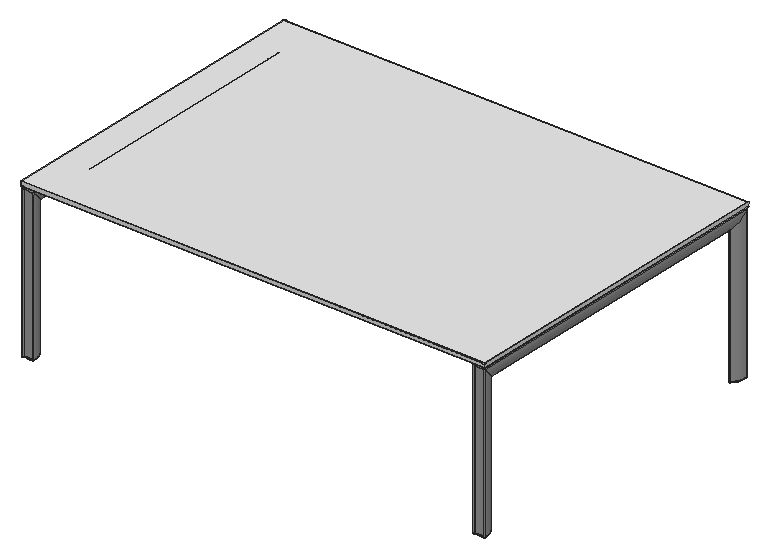
Revit family "OFS_RE_TYPICAL_RE015_6-USERS", category Furniture, Revit 2012 (continued)
Definition of nested family "OFS_RE_BASES_4-RAILS_42-60_DEPTH"
  Definition of nested family "RE_LEG_END_W-TIE"
    Forms (in)
      Sweep 4, solid, material "RE LEG PAINT" <- "LEG PAINT", visible <- "TIE ROD"
        path origin (-1.9399688, 24, -1.4606728) x (0, 1, 0) y (0.319687, 0, 0.947523)
          loop
            arc (-42.0027846, 5.8183374) -> (-41.5539329, 5.9681926) -> (-41.2851361, 6.3576445) r 0.7471361
            line (-41.2851361, 6.3576445) -> (-30.4664077, 43.7154993)
            arc (-30.4664077, 43.7154993) -> (-30.5871596, 44.3706357) -> (-31.1840209, 44.6665096) r 0.7440466
            line (-31.1840209, 44.6665096) -> (-33.8417167, 44.6665096)
        profile origin (-0.0799217, -18.7758415, 4.0523368) x (0.319687, 0, 0.947523) y (0.947523, 0, -0.319687)
          loop
            circle (0.2499997, 0) r 0.2499997
      Sweep 5, solid, material "RE LEG PAINT" <- "LEG PAINT", visible <- "TIE ROD"
        path origin (-1.9399688, -24, -1.4606728) x (0, -1, 0) y (-0.319687, 0, -0.947523)
          loop
            line (-43.5488984, -5.8183374) -> (-42.0027846, -5.8183374)
            arc (-42.0027846, -5.8183374) -> (-41.5539329, -5.9681926) -> (-41.2851361, -6.3576445) r 0.7471361
            line (-41.2851361, -6.3576445) -> (-30.4631458, -43.7188125)
            arc (-30.4631458, -43.7188125) -> (-30.582296, -44.3796273) -> (-31.1827312, -44.6802108) r 0.749996
            line (-31.1827312, -44.6802108) -> (-33.8417167, -44.6802108)
        profile origin (-0.0799217, 18.7758415, 4.0523368) x (-0.319687, 0, -0.947523) y (0.947523, 0, -0.319687)
          loop
            circle (-0.2499997, 0) r 0.2499997
      Extrusion 6, solid, material "RE LEG PAINT" <- "LEG PAINT", visible <- "TIE ROD"
        sketch origin (0, 0, 0) x (1, 0, 0) y (0, 0, 1)
          loop
            line (11.5772427, 27.875) -> (10.1887943, 27.875) -> (10.1887943, 27.8079822) -> (11.5642606, 27.8079822)
            arc (11.5642606, 27.8079822) -> (11.6097107, 27.7989416) -> (11.6482414, 27.7731961) r 0.1187669
            line (11.6482414, 27.7731961) -> (12.0546033, 27.3668342)
            arc (12.0546033, 27.3668342) -> (12.2637943, 27.2801845) -> (12.4729852, 27.3668342) r 0.2958407
            line (12.4729852, 27.3668342) -> (12.8793471, 27.7731961)
            arc (12.8793471, 27.7731961) -> (12.9178779, 27.7989416) -> (12.963328, 27.8079822) r 0.1187669
            line (12.963328, 27.8079822) -> (14.3387943, 27.8079822) -> (14.3387943, 27.875) -> (12.9503459, 27.875)
            arc (12.9503459, 27.875) -> (12.8742811, 27.8598698) -> (12.8097964, 27.8167825) r 0.1987669
            line (12.8097964, 27.8167825) -> (12.4164167, 27.4234028)
            arc (12.4164167, 27.4234028) -> (12.2637943, 27.3601845) -> (12.1111719, 27.4234028) r 0.2158407
            line (12.1111719, 27.4234028) -> (11.7177921, 27.8167825)
            arc (11.7177921, 27.8167825) -> (11.6533075, 27.8598698) -> (11.5772427, 27.875) r 0.1987669
        from 7.6537167 to 9.8417167
      Extrusion 7, solid, material "RE LEG PAINT" <- "LEG PAINT", visible <- "TIE ROD"
        sketch origin (0, 0, 0) x (1, 0, 0) y (0, 0, -1)
          loop
            arc (11.5772427, -27.875) -> (11.6533075, -27.8598698) -> (11.7177921, -27.8167825) r 0.1987669
            line (11.7177921, -27.8167825) -> (12.1111719, -27.4234028)
            arc (12.1111719, -27.4234028) -> (12.2637943, -27.3601845) -> (12.4164167, -27.4234028) r 0.2158407
            line (12.4164167, -27.4234028) -> (12.8097964, -27.8167825)
            arc (12.8097964, -27.8167825) -> (12.8742811, -27.8598698) -> (12.9503459, -27.875) r 0.1987669
            line (12.9503459, -27.875) -> (14.3387943, -27.875) -> (14.3387943, -27.8079822) -> (12.963328, -27.8079822)
            arc (12.963328, -27.8079822) -> (12.9178779, -27.7989416) -> (12.8793471, -27.7731961) r 0.1187669
            line (12.8793471, -27.7731961) -> (12.4729852, -27.3668342)
            arc (12.4729852, -27.3668342) -> (12.2637943, -27.2801845) -> (12.0546033, -27.3668342) r 0.2958407
            line (12.0546033, -27.3668342) -> (11.6482414, -27.7731961)
            arc (11.6482414, -27.7731961) -> (11.6097107, -27.7989416) -> (11.5642606, -27.8079822) r 0.1187669
            line (11.5642606, -27.8079822) -> (10.1887943, -27.8079822) -> (10.1887943, -27.875) -> (11.5772427, -27.875)
        from 7.6537167 to 9.8417167
      Extrusion 8, solid, material "RE GLIDE BLACK"
        sketch origin (0, 0, 0) x (1, 0, 0) y (0, 1, 0)
          loop
            line (-0.774815, -20.775) -> (0.774815, -20.775)
            arc (0.774815, -20.775) -> (0.8256645, -20.7882218) -> (0.865469, -20.8225159) r 0.1160288
            arc (0.865469, -20.8225159) -> (0.9972919, -20.86587) -> (1.0807081, -20.754971) r 0.1191119
            arc (1.0807081, -20.754971) -> (0.8576594, -19.4238242) -> (0.1588617, -18.2691015) r 3.590214
            arc (0.1588617, -18.2691015) -> (0.1299651, -18.2557846) -> (0.1004111, -18.2675709) r 0.040314
            arc (0.1004111, -18.2675709) -> (0, -18.3091468) -> (-0.1004111, -18.2675709) r 0.1420408
            arc (-0.1004111, -18.2675709) -> (-0.1299651, -18.2557846) -> (-0.1588617, -18.2691015) r 0.040314
            arc (-0.1588617, -18.2691015) -> (-0.8576594, -19.4238242) -> (-1.0807081, -20.754971) r 3.590214
            arc (-1.0807081, -20.754971) -> (-0.9972919, -20.86587) -> (-0.865469, -20.8225159) r 0.1191119
            arc (-0.865469, -20.8225159) -> (-0.8256645, -20.7882218) -> (-0.774815, -20.775) r 0.1160288
        from 0.2372693 to 0.3947496
      Extrusion 9, solid, material "RE GLIDE BLACK"
        sketch origin (0, 0, 0) x (1, 0, 0) y (0, 1, 0)
          loop
            arc (1.0807081, 20.754971) -> (0.9972919, 20.86587) -> (0.865469, 20.8225159) r 0.1191119
            arc (0.865469, 20.8225159) -> (0.8256645, 20.7882218) -> (0.774815, 20.775) r 0.1160288
            line (0.774815, 20.775) -> (-0.774815, 20.775)
            arc (-0.774815, 20.775) -> (-0.8256645, 20.7882218) -> (-0.865469, 20.8225159) r 0.1160288
            arc (-0.865469, 20.8225159) -> (-0.9972919, 20.86587) -> (-1.0807081, 20.754971) r 0.1191119
            arc (-1.0807081, 20.754971) -> (-0.8576594, 19.4238242) -> (-0.1588617, 18.2691015) r 3.590214
            arc (-0.1588617, 18.2691015) -> (-0.1299651, 18.2557846) -> (-0.1004111, 18.2675709) r 0.040314
            arc (-0.1004111, 18.2675709) -> (0, 18.3091468) -> (0.1004111, 18.2675709) r 0.1420408
            arc (0.1004111, 18.2675709) -> (0.1299651, 18.2557846) -> (0.1588617, 18.2691015) r 0.040314
            arc (0.1588617, 18.2691015) -> (0.8576594, 19.4238242) -> (1.0807081, 20.754971) r 3.590214
        from 0.2372693 to 0.3947496
    Cuts and joins
      joined: Extrusion 2, Extrusion 9
      joined: Extrusion 3, Extrusion 8
    Lines and regions (in)
      Masking region 1, visible <- "TIE ROD"
        outline origin (0, 0, 0) x (1, 0, 0) y (0, 1, 0)
          loop
            line (4.3032237, -13.3937676) -> (5.0477124, -13.3937676) -> (10.1887943, -8.7367914) -> (10.1887943, -8.0624069) -> (4.3032237, -13.3937676)
      Masking region 2, visible <- "TIE ROD"
        outline origin (0, 0, 0) x (1, 0, 0) y (0, 1, 0)
          loop
            line (10.6402478, -7.6537167) -> (11.3851965, -7.6537167) -> (12.0094145, -7.0886268) -> (12.0094145, -9.8417167) -> (12.5094139, -9.8417167) -> (12.5094139, -7.0256014)
            arc (12.5094139, -7.0256014) -> (12.4453728, -6.7546913) -> (12.3043905, -6.5146547) r 0.9347363
            arc (12.3043905, -6.5146547) -> (12.101443, -6.4373553) -> (11.8984954, -6.5146547) r 0.3050663
            line (11.8984954, -6.5146547) -> (10.6402478, -7.6537167)
      Masking region 3, visible <- "TIE ROD"
        outline origin (0, 0, 0) x (1, 0, 0) y (0, 1, 0)
          loop
            line (10.1887943, -7.6537167) -> (10.1887943, -9.8417167) -> (12.0094145, -9.8417167) -> (12.0094145, -7.6537167) -> (10.1887943, -7.6537167)
          loop
            line (12.5181741, -7.6537167) -> (12.5181741, -9.8417167) -> (14.3387943, -9.8417167) -> (14.3387943, -7.6537167) -> (12.5181741, -7.6537167)
      Masking region 4, visible <- "TIE ROD"
        outline origin (0, 0, 0) x (1, 0, 0) y (0, 1, 0)
          loop
            line (1.6946591, -15.756308) -> (1.0807081, -16.309112) -> (1.0807081, -16.9796794) -> (2.4393997, -15.756308) -> (1.6946591, -15.756308)
      Masking region 5, visible <- "TIE ROD"
        outline origin (0, 0, 0) x (0, -1, 0) y (1, 0, 0)
          loop
            line (-13.3941597, 4.3027908) -> (-8.0624069, 10.1887943) -> (-8.7367914, 10.1887943) -> (-13.3941597, 5.0472795) -> (-13.3941597, 4.3027908)
      Masking region 6, visible <- "TIE ROD"
        outline origin (0, 0, 0) x (0, -1, 0) y (1, 0, 0)
          loop
            line (-7.6537167, 10.6402478) -> (-6.5146547, 11.8984954)
            arc (-6.5146547, 11.8984954) -> (-6.4373553, 12.101443) -> (-6.5146547, 12.3043905) r 0.3050663
            arc (-6.5146547, 12.3043905) -> (-6.7546913, 12.4453728) -> (-7.0256014, 12.5094139) r 0.9347363
            line (-7.0256014, 12.5094139) -> (-9.8417167, 12.5094139) -> (-9.8417167, 12.0094145) -> (-7.0886268, 12.0094145) -> (-7.6537167, 11.3851965) -> (-7.6537167, 10.6402478)
      Masking region 7, visible <- "TIE ROD"
        outline origin (0, 0, 0) x (0, -1, 0) y (1, 0, 0)
          loop
            line (-7.6537167, 10.1887943) -> (-7.6537167, 12.0094145) -> (-9.8417167, 12.0094145) -> (-9.8417167, 10.1887943) -> (-7.6537167, 10.1887943)
          loop
            line (-7.6537167, 12.5181741) -> (-7.6537167, 14.3387943) -> (-9.8417167, 14.3387943) -> (-9.8417167, 12.5181741) -> (-7.6537167, 12.5181741)
      Masking region 8, visible <- "TIE ROD"
        outline origin (0, 0, 0) x (0, -1, 0) y (1, 0, 0)
          loop
            line (-15.7560932, 1.6948977) -> (-15.7560932, 2.4396383) -> (-16.9796794, 1.0807081) -> (-16.309112, 1.0807081) -> (-15.7560932, 1.6948977)
    Dimensions and locks (in)
      "LEG HEIGHT": plane 5 "BASE HEIGHT" to plane 2
      "LEG WIDTH": plane 6 "BACK" to plane 7 "FRONT"
      equal spacing: plane 7 "FRONT", plane 1 "Center Front/Back", plane 6 "BACK"
      locked: plane 5 "BASE HEIGHT" to plane 9 at 0.4929876
      plane 6 "BACK" to plane 13 to plane 11 to plane 15 = 0' - 1.2261" locked, 0' - 9.70718" locked, 0' - 2.188" locked
      plane 7 "FRONT" to plane 10 to plane 12 to plane 14 = 0' - 1.2261" locked, 0' - 9.70718" locked, 0' - 2.188" locked
      aligned and locked: plane 7 "FRONT" to Sweep 1
      aligned and locked: plane 6 "BACK" to Sweep 1
      aligned and locked: plane 8 "GLIDE" to Extrusion 2
      aligned and locked: Extrusion 2 to plane 2
      aligned and locked: plane 9 to Sweep 1
      aligned and locked: level to plane 2
      aligned and locked: plane 12 to Sweep 4
      aligned and locked: Sweep 4 to plane 10
      aligned and locked: plane 12 to Sweep 4 sketch curve
      aligned and locked: plane 10 to Sweep 4 sketch curve
      aligned and locked: plane 11 to Sweep 5 sketch curve
      aligned and locked: plane 13 to Sweep 5 sketch curve
      aligned and locked: Extrusion 6 to Sweep 4
      aligned and locked: plane 12 to Extrusion 6
      aligned and locked: Extrusion 6 to plane 14
      aligned and locked: plane 15 to Extrusion 7
      aligned and locked: plane 11 to Extrusion 7
      aligned and locked: Extrusion 8 sketch curve to Sweep 1  (x10)
      aligned and locked: Extrusion 8 to plane 8 "GLIDE"
      aligned and locked: Extrusion 8 to Sweep 1
      aligned and locked: Extrusion 9 sketch curve to Sweep 1  (x10)
      aligned and locked: Extrusion 9 to Sweep 1
      aligned and locked: Extrusion 9 to plane 8 "GLIDE"
      aligned and locked: Extrusion 6 to Masking region 1 sketch curve
      aligned and locked: plane 12 to Masking region 2 sketch curve
      aligned and locked: plane 14 to Masking region 2 sketch curve
      aligned and locked: plane 14 to Masking region 3 sketch curve  (x2)
      aligned and locked: plane 12 to Masking region 3 sketch curve  (x2)
      aligned and locked: plane 5 "BASE HEIGHT" to Extrusion 6  (x2)
      aligned and locked: plane 5 "BASE HEIGHT" to Extrusion 7  (x2)
    Automatic sketch dimensions
      plane 8 "GLIDE" to Sweep 1 sketch curve = 0' - 0.15748"  (x2)
      plane 9 to Sweep 1 sketch curve = 0' - 0.09306"
      Sweep 1 sketch curve to plane 3 "Center Left/Right" = 0' - 0"
      profile plane to Sweep 1 sketch curve = 0' - 0.02293"  (x2)
      Sweep 1 sketch curve to profile plane = 0' - 0.04554"  (x2)
      Sweep 1 sketch curve to Sweep 1 sketch curve = 0' - 0"  (x8)
      Sweep 1 sketch curve to profile plane = 0' - 0.09306"
      Sweep 1 sketch curve to profile plane = 0' - 0.11309"  (x2)
      Sweep 1 sketch curve to profile plane = 0' - 0.11583"  (x2)
      Sweep 1 sketch curve to profile plane = 0' - 0.19593"  (x2)
      Sweep 1 sketch curve to plane 3 "Center Left/Right" = 0' - 0 33/256"
      Sweep 1 sketch curve to Sweep 1 sketch curve = 0' - 2.47892"
      plane 3 "Center Left/Right" to Sweep 1 sketch curve = 0' - 0 33/256"
      Sweep 1 sketch curve to Sweep 1 sketch curve = 0' - 0.02698"  (x2)
      Sweep 1 sketch curve to Sweep 1 sketch curve = 0' - 0.02851"  (x2)
      Sweep 1 sketch curve to Sweep 1 sketch curve = 0' - 0.10046"
      Extrusion 2 sketch curve to plane 3 "Center Left/Right" = 0' - 0"
      plane 13 to Extrusion 2 sketch curve = 0' - 0.26294"
      plane 3 "Center Left/Right" to Extrusion 3 sketch curve = 0' - 0"
      Extrusion 3 sketch curve to plane 10 = 0' - 0.26294"
      Sweep 4 sketch curve to plane 10 = 0' - 1.54611"
      Sweep 4 sketch curve to Sweep 4 sketch curve = 0' - 0.71765"
      Sweep 4 sketch curve to plane 14 = 0' - 0.4697"
      Sweep 4 sketch curve to plane 14 = 0' - 0.47263"
      Sweep 4 sketch curve to Sweep 4 sketch curve = 0' - 0.71468"
      Sweep 4 sketch curve to Sweep 4 sketch curve = 0' - 0.53931"
      Sweep 4 sketch curve to Sweep 4 sketch curve = 3' - 1.35785"
      Sweep 4 sketch curve to Sweep 4 sketch curve = 0' - 0.20697"
      Sweep 4 sketch curve to profile plane = 0' - 0"
      Sweep 4 sketch curve to profile plane = 0' - 0 1/4"
      Sweep 5 sketch curve to plane 13 = 0' - 1.54611"
      Sweep 5 sketch curve to Sweep 5 sketch curve = 0' - 0.71765"
      Sweep 5 sketch curve to plane 15 = 0' - 0.47099"
      Sweep 5 sketch curve to Sweep 5 sketch curve = 0' - 0.71959"
      Sweep 5 sketch curve to Sweep 5 sketch curve = 0' - 0 3/4"
      Sweep 5 sketch curve to Sweep 5 sketch curve = 3' - 1.36474"
      Sweep 5 sketch curve to Sweep 5 sketch curve = 0' - 0.20783"
      Sweep 5 sketch curve to profile plane = 0' - 0"
      profile plane to Sweep 5 sketch curve = 0' - 0 1/4"
      Extrusion 6 sketch curve to Extrusion 6 sketch curve = 0' - 0"  (x4)
      Extrusion 6 sketch curve to Extrusion 6 sketch curve = 0' - 0.01298"  (x6)
      plane 5 "BASE HEIGHT" to Extrusion 6 sketch curve = 0' - 0"  (x2)
      Extrusion 6 sketch curve to Extrusion 6 sketch curve = 0' - 1.38845"
      Extrusion 6 sketch curve to Extrusion 6 sketch curve = 0' - 0.08398"
      Extrusion 6 sketch curve to plane 5 "BASE HEIGHT" = 0' - 0.1018"  (x2)
      Extrusion 6 sketch curve to plane 5 "BASE HEIGHT" = 0' - 0.05822"  (x2)
      Extrusion 6 sketch curve to Extrusion 6 sketch curve = 0' - 0.06955"  (x2)
      Extrusion 6 sketch curve to plane 9 = 0' - 0.01518"  (x2)
      Extrusion 6 sketch curve to Extrusion 6 sketch curve = 0' - 0.40636"
      plane 9 to Extrusion 6 sketch curve = 0' - 0.04139"  (x2)
      Extrusion 6 sketch curve to Extrusion 6 sketch curve = 0' - 0.05657"
      Extrusion 6 sketch curve to Extrusion 6 sketch curve = 0' - 0.15262"
      Extrusion 6 sketch curve to Extrusion 6 sketch curve = 0' - 0.39338"
      Extrusion 6 sketch curve to Extrusion 6 sketch curve = 0' - 0.071"
      Extrusion 6 sketch curve to Extrusion 6 sketch curve = 0' - 1.37547"
      plane 9 to Extrusion 6 sketch curve = 0' - 0.19401"
      Extrusion 7 sketch curve to Extrusion 7 sketch curve = 0' - 0"  (x4)
      Extrusion 7 sketch curve to Extrusion 7 sketch curve = 0' - 0.01298"  (x6)
      plane 5 "BASE HEIGHT" to Extrusion 7 sketch curve = 0' - 0"  (x2)
      Extrusion 7 sketch curve to Extrusion 7 sketch curve = 0' - 1.38845"
      Extrusion 7 sketch curve to Extrusion 7 sketch curve = 0' - 0.08398"
      Extrusion 7 sketch curve to plane 5 "BASE HEIGHT" = 0' - 0.1018"  (x2)
      Extrusion 7 sketch curve to plane 5 "BASE HEIGHT" = 0' - 0.05822"  (x2)
      Extrusion 7 sketch curve to Extrusion 7 sketch curve = 0' - 0.06955"  (x2)
      Extrusion 7 sketch curve to plane 9 = 0' - 0.01518"  (x2)
      Extrusion 7 sketch curve to Extrusion 7 sketch curve = 0' - 0.40636"
      plane 9 to Extrusion 7 sketch curve = 0' - 0.04139"  (x2)
      Extrusion 7 sketch curve to Extrusion 7 sketch curve = 0' - 0.05657"
      Extrusion 7 sketch curve to Extrusion 7 sketch curve = 0' - 0.15262"
      Extrusion 7 sketch curve to Extrusion 7 sketch curve = 0' - 0.39338"
      Extrusion 7 sketch curve to Extrusion 7 sketch curve = 0' - 0.071"
      Extrusion 7 sketch curve to Extrusion 7 sketch curve = 0' - 1.37547"
      plane 9 to Extrusion 7 sketch curve = 0' - 0.19401"
      Masking region 1 sketch curve to Masking region 1 sketch curve = 0' - 0.74449"
      plane 14 to Masking region 1 sketch curve = 0' - 1.08307"
      plane 14 to Masking region 1 sketch curve = 0' - 0.40869"
      Masking region 2 sketch curve to Masking region 2 sketch curve = 0' - 0.74495"
      Masking region 2 sketch curve to Masking region 2 sketch curve = 0' - 0.19267"
      Masking region 2 sketch curve to plane 14 = 0' - 1.13906"
      Masking region 2 sketch curve to Masking region 2 sketch curve = 0' - 0.32063"
      Masking region 2 sketch curve to Masking region 2 sketch curve = 0' - 0.43154"
      Masking region 2 sketch curve to Masking region 2 sketch curve = 0' - 0.20295"  (x2)
      Masking region 2 sketch curve to Masking region 2 sketch curve = 0' - 0.40797"
      Masking region 2 sketch curve to Masking region 2 sketch curve = 0' - 0.55093"
      Masking region 2 sketch curve to Masking region 2 sketch curve = 0' - 0.01416"
      Masking region 2 sketch curve to Masking region 2 sketch curve = 0' - 0.22777"
      Masking region 3 sketch curve to Masking region 3 sketch curve = 0' - 1.82062"  (x2)
      Masking region 3 sketch curve to Masking region 3 sketch curve = 0' - 0.50876"
      Masking region 4 sketch curve to Masking region 4 sketch curve = 0' - 0.74474"
      Masking region 4 sketch curve to Masking region 4 sketch curve = 0' - 0.67057"
      plane 15 to Masking region 5 sketch curve = 0' - 1.08307"
      plane 15 to Masking region 5 sketch curve = 0' - 0.40869"
      Masking region 5 sketch curve to Masking region 5 sketch curve = 0' - 0.74449"
      Masking region 5 sketch curve to Masking region 5 sketch curve = 0' - 5.14151"
      Masking region 6 sketch curve to plane 11 = 0' - 0"
      Masking region 6 sketch curve to plane 15 = 0' - 0"
      Masking region 6 sketch curve to plane 15 = 0' - 0.55093"
      Masking region 6 sketch curve to Masking region 6 sketch curve = 0' - 0.01416"
      Masking region 6 sketch curve to Masking region 6 sketch curve = 0' - 0.06303"
      Masking region 6 sketch curve to Masking region 6 sketch curve = 0' - 0.34621"
      Masking region 6 sketch curve to Masking region 6 sketch curve = 0' - 0.22777"  (x2)
      Masking region 6 sketch curve to Masking region 6 sketch curve = 0' - 0.74495"
      Masking region 6 sketch curve to Masking region 6 sketch curve = 0' - 0.19267"
      Masking region 6 sketch curve to Masking region 6 sketch curve = 0' - 0.32063"
      Masking region 6 sketch curve to Masking region 6 sketch curve = 0' - 0.43154"
      Masking region 6 sketch curve to Masking region 6 sketch curve = 0' - 0.20295"
      Masking region 7 sketch curve to plane 11 = 0' - 0"  (x2)
      Masking region 7 sketch curve to plane 15 = 0' - 0"  (x2)
      Masking region 7 sketch curve to Masking region 7 sketch curve = 0' - 1.82062"  (x2)
      Masking region 7 sketch curve to Masking region 7 sketch curve = 0' - 0.50876"
      plane 6 "BACK" to Sweep 1 sketch curve = 0' - 0.09306"
      plane 7 "FRONT" to Sweep 1 sketch curve = 0' - 0.09306"
      Masking region 4 sketch curve to Masking region 4 sketch curve = 0' - 0.5528"
      plane 3 "Center Left/Right" to Extrusion 6 sketch curve = 0' - 10.18879"
      plane 3 "Center Left/Right" to Extrusion 7 sketch curve = 0' - 10.18879"
      plane 3 "Center Left/Right" to Masking region 1 sketch curve = 0' - 5.04771"
      plane 3 "Center Left/Right" to Masking region 2 sketch curve = 0' - 10.64025"
      plane 3 "Center Left/Right" to Masking region 3 sketch curve = 0' - 10.18879"
      Masking region 4 sketch curve to Masking region 4 sketch curve = 0' - 0.61395"
      plane 3 "Center Left/Right" to Masking region 5 sketch curve = 0' - 4.30279"
      plane 3 "Center Left/Right" to Masking region 6 sketch curve = 0' - 10.64025"
      plane 3 "Center Left/Right" to Masking region 7 sketch curve = 0' - 10.18879"
      plane 3 "Center Left/Right" to Masking region 8 sketch curve = 0' - 1.08071"
      Masking region 8 sketch curve to Masking region 8 sketch curve = 0' - 0.67057"
      Masking region 8 sketch curve to Masking region 8 sketch curve = 0' - 0.55302"
      Masking region 8 sketch curve to Masking region 8 sketch curve = 0' - 0.61419"
      Masking region 8 sketch curve to Masking region 8 sketch curve = 0' - 0.74474"
      plane 12 to Masking region 1 sketch curve = 0' - 3.55205"
      plane 3 "Center Left/Right" to Masking region 4 sketch curve = 0' - 1.08071"
      Masking region 4 sketch curve to plane 10 = 0' - 2.56922"
      plane 11 to Masking region 5 sketch curve = 0' - 3.55244"
      Masking region 8 sketch curve to plane 13 = 0' - 2.56922"
      radius of Extrusion 2 sketch curve = 0' - 0.68898"
      radius of Extrusion 3 sketch curve = 0' - 0.68898"
      radius of Sweep 4 sketch curve = 0' - 0 1/4"
      radius of Sweep 5 sketch curve = 0' - 0 1/4"
